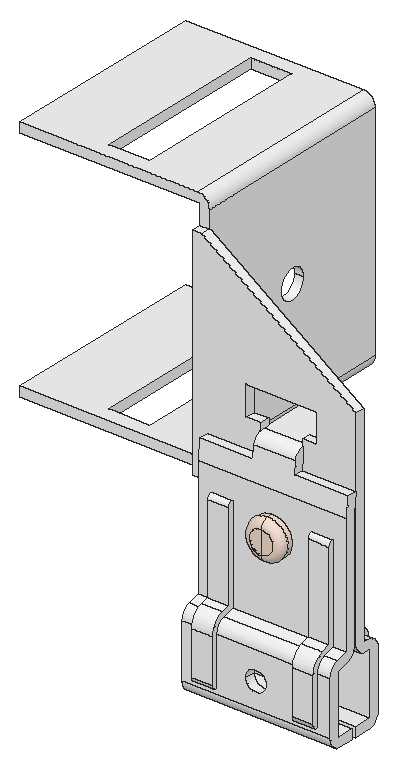
Revit family "CTハンガーH=20アキ左", category 機械設備, Revit 2020
Family settings
  丸型コネクタ寸法 = 直径を使用
  種別 = なし
  パーツ タイプ = 標準
  作業面ベース = いいえ
  常に垂直 = はい
  ロード時にボイドで切り取り = いいえ
  共有 = いいえ
  部屋計算ポイント = いいえ
Parameters
  製造元 = "株式会社桐井製作所"
  既定の高さ = 0 mm
  URL = "https://www.kirii.co.jp/"
  K_材質 = "溶融亜鉛めっき鋼板及び鋼帯 SGCC 一般用"
  K_品名 = "CTハンガーH＝20アキ左"
  K_名称 = "CTハンガー"
  K_入数 = "200"
  K_備考 = "対象Tバー：eT4025、eAT4025"
  K_バージョン情報 = "20220915"
  K_めっき付着量 = "Z12"
  K_JIS規格 = "JIS G 3302"
Reference planes
  plane 1 "中心(正面/背面)": y = 0
  plane 2: z = 0
  plane 3 "中心(左/右)": x = 0
Forms (mm)
  Extrusion 1, void
    sketch origin (0, -1.2, 0) x (-1, 0, 0) y (0, 0, 1)
      loop
        line (-6, 31.356) -> (-6, 26.343) -> (-3.5, 26.343) -> (-3.5, 21.356) -> (3.5, 21.356) -> (3.5, 26.343) -> (6, 26.343) -> (6, 31.356) -> (-6, 31.356)
    from 1.2 to 2.8
  Extrusion 2, void
    sketch origin (0.011, -1.2, 4.995) x (-1, 0, 0) y (0, 0, 1)
      loop
        circle (0, 6.373) r 2.5
    from 0 to 3.2
  Extrusion 3, void
    sketch origin (0, 0.4, 0) x (1, 0, 0) y (0, 0, 1)
      loop
        line (-13.5, 51.456) -> (12.5, 33.456) -> (12.5, 51.456) -> (-13.5, 51.456)
    from -1.2 to 0.4
  Extrusion 4, void
    sketch origin (0, 0.4, 0) x (1, 0, 0) y (0, 0, 1)
      loop
        line (-13.5, 14.356) -> (-15.1, 14.356) -> (-15.1, -15.644) -> (-12.5, -15.644) -> (-12.5, 13.356)
        arc (-12.5, 13.356) -> (-12.793, 14.063) -> (-13.5, 14.356) r 1
    from -4.2 to 5.8
  Extrusion 5, solid, material "05吊り材"
    sketch origin (0, 1.2, 0) x (0, 1, 0) y (0, 0, -1)
      loop
        line (1.8, 3.544) -> (0.8, 3.544)
        arc (0.8, 3.544) -> (-0.614, 2.958) -> (-1.2, 1.544) r 2
        line (-1.2, 1.544) -> (-1.2, -51.456) -> (0.4, -51.456) -> (0.4, -11.856) -> (0.4, 1.944) -> (1.4, 1.944)
        arc (1.4, 1.944) -> (2.814, 2.53) -> (3.4, 3.944) r 2
        line (3.4, 3.944) -> (3.4, 13.644)
        arc (3.4, 13.644) -> (2.814, 15.058) -> (1.4, 15.644) r 2
        line (1.4, 15.644) -> (-1.2, 15.644) -> (-1.2, 14.044) -> (1.8, 14.044) -> (1.8, 3.544)
    from -12.5 to 15.1
  Extrusion 6, solid, material "アルミニウム"
    sketch origin (0, 1.2, 4.922) x (-1, 0, 0) y (0, 0, -1)
      loop
        circle (0, -6.436) r 4.1
      loop
        circle (0, -6.436) r 2.499
    from -1.8 to 0
  Extrusion 7, solid, material "05吊り材"
    sketch origin (16, 1.2, 0) x (0, 1, 0) y (0, 0, -1)
      loop
        line (1.3, -12.456) -> (1.3, 1.087) -> (2.095, 1.087)
        arc (2.095, 1.087) -> (3.685, 2.14) -> (4.3, 3.944) r 2.953
        line (4.3, 3.944) -> (4.3, 11.744)
        arc (4.3, 11.744) -> (4.036, 12.38) -> (3.4, 12.644) r 0.9
        line (3.4, 12.644) -> (3.4, 3.944)
        arc (3.4, 3.944) -> (2.814, 2.53) -> (1.4, 1.944) r 2
        line (1.4, 1.944) -> (0.4, 1.944) -> (0.4, -13.356)
        arc (0.4, -13.356) -> (1.036, -13.093) -> (1.3, -12.456) r 0.9
      loop
        line (-4, 1.245) -> (-4, -13.556)
        arc (-4, -13.556) -> (-3.766, -14.122) -> (-3.2, -14.356) r 0.8
        line (-3.2, -14.356) -> (-3.2, 1.844) -> (-5.093, 2.4)
        arc (-5.093, 2.4) -> (-6.181, 3.157) -> (-6.6, 4.415) r 2.1
        line (-6.6, 4.415) -> (-6.6, 12.644)
        arc (-6.6, 12.644) -> (-7.166, 12.409) -> (-7.4, 11.844) r 0.8
        line (-7.4, 11.844) -> (-7.4, 4.415)
        arc (-7.4, 4.415) -> (-6.822, 2.678) -> (-5.318, 1.633) r 2.9
        line (-5.318, 1.633) -> (-4, 1.245)
    from 5.75 to 9.25
  Extrusion 8, void
    sketch origin (0.011, 1.2, 4.995) x (-1, 0, 0) y (0, 0, -1)
      loop
        circle (0, -6.373) r 2.5
    from 0 to 3.2
  Extrusion 9, void
    sketch origin (0, -42.1, 50.967) x (1, 0, 0) y (0, 0, -1)
      loop
        line (-3.5, 25.623) -> (-3.5, 29.342) -> (-12.5, 29.342) -> (-12.5, 25.623) -> (-3.5, 25.623)
      loop
        line (12.5, 25.623) -> (12.5, 29.342) -> (3.5, 29.342) -> (3.5, 25.623) -> (12.5, 25.623)
    from 40.1 to 51.2
  Extrusion 10, solid, material "05吊り材"
    sketch origin (0, 1.2, 0) x (0, 1, 0) y (0, 0, -1)
      loop
        line (-5, 4.041) -> (-5, 14.044) -> (-2, 14.044) -> (-2, 15.644) -> (-4.5, 15.644)
        arc (-4.5, 15.644) -> (-5.985, 15.029) -> (-6.6, 13.544) r 2.1
        line (-6.6, 13.544) -> (-6.6, 4.415)
        arc (-6.6, 4.415) -> (-6.181, 3.157) -> (-5.093, 2.4) r 2.1
        line (-5.093, 2.4) -> (-3.2, 1.844) -> (-3.2, -18.356) -> (-2.659, -23.655)
        arc (-2.659, -23.655) -> (-1.932, -24.867) -> (-0.6, -25.343) r 2.1
        line (-0.6, -25.343) -> (7.9, -25.343) -> (7.9, -23.756) -> (-0.6, -23.756)
        arc (-0.6, -23.756) -> (-0.954, -23.61) -> (-1.1, -23.256) r 0.5
        line (-1.1, -23.256) -> (-1.6, -18.356) -> (-1.6, 1.47)
        arc (-1.6, 1.47) -> (-2.019, 2.728) -> (-3.107, 3.484) r 2.1
        line (-3.107, 3.484) -> (-5, 4.041)
    from -12.5 to 12.5
  Extrusion 11, solid, material "05吊り材"
    sketch origin (-1, 1.2, 0) x (0, 1, 0) y (0, 0, -1)
      loop
        line (1.3, -12.456) -> (1.3, 1.087) -> (2.095, 1.087)
        arc (2.095, 1.087) -> (3.685, 2.14) -> (4.3, 3.944) r 2.953
        line (4.3, 3.944) -> (4.3, 11.744)
        arc (4.3, 11.744) -> (4.036, 12.38) -> (3.4, 12.644) r 0.9
        line (3.4, 12.644) -> (3.4, 3.944)
        arc (3.4, 3.944) -> (2.814, 2.53) -> (1.4, 1.944) r 2
        line (1.4, 1.944) -> (0.4, 1.944) -> (0.4, -13.356)
        arc (0.4, -13.356) -> (1.036, -13.093) -> (1.3, -12.456) r 0.9
      loop
        line (-4, 1.245) -> (-4, -13.556)
        arc (-4, -13.556) -> (-3.766, -14.122) -> (-3.2, -14.356) r 0.8
        line (-3.2, -14.356) -> (-3.2, 1.844) -> (-5.093, 2.4)
        arc (-5.093, 2.4) -> (-6.181, 3.157) -> (-6.6, 4.415) r 2.1
        line (-6.6, 4.415) -> (-6.6, 12.644)
        arc (-6.6, 12.644) -> (-7.166, 12.409) -> (-7.4, 11.844) r 0.8
        line (-7.4, 11.844) -> (-7.4, 4.415)
        arc (-7.4, 4.415) -> (-6.822, 2.678) -> (-5.318, 1.633) r 2.9
        line (-5.318, 1.633) -> (-4, 1.245)
    from 5.75 to 9.25
  Extrusion 12, solid, material "05吊り材"
    sketch origin (16, 1.2, 0) x (0, 1, 0) y (0, 0, -1)
      loop
        line (1.3, -12.456) -> (1.3, 1.087) -> (2.095, 1.087)
        arc (2.095, 1.087) -> (3.685, 2.14) -> (4.3, 3.944) r 2.953
        line (4.3, 3.944) -> (4.3, 11.744)
        arc (4.3, 11.744) -> (4.036, 12.38) -> (3.4, 12.644) r 0.9
        line (3.4, 12.644) -> (3.4, 3.944)
        arc (3.4, 3.944) -> (2.814, 2.53) -> (1.4, 1.944) r 2
        line (1.4, 1.944) -> (0.4, 1.944) -> (0.4, -13.356)
        arc (0.4, -13.356) -> (1.036, -13.093) -> (1.3, -12.456) r 0.9
      loop
        line (-4, 1.245) -> (-4, -13.556)
        arc (-4, -13.556) -> (-3.766, -14.122) -> (-3.2, -14.356) r 0.8
        line (-3.2, -14.356) -> (-3.2, 1.844) -> (-5.093, 2.4)
        arc (-5.093, 2.4) -> (-6.181, 3.157) -> (-6.6, 4.415) r 2.1
        line (-6.6, 4.415) -> (-6.6, 12.644)
        arc (-6.6, 12.644) -> (-7.166, 12.409) -> (-7.4, 11.844) r 0.8
        line (-7.4, 11.844) -> (-7.4, 4.415)
        arc (-7.4, 4.415) -> (-6.822, 2.678) -> (-5.318, 1.633) r 2.9
        line (-5.318, 1.633) -> (-4, 1.245)
    from 5.75 to 9.25
  Extrusion 13, void
    sketch origin (0, 36.563, 0) x (1, 0, 0) y (0, 1, 0)
      loop
        line (-32.5, -2.5) -> (-32.5, -32.5) -> (-25.5, -32.5) -> (-25.5, -2.5) -> (-32.5, -2.5)
    from 54.856 to 56.456
  Extrusion 14, void
    sketch origin (0, 36.563, -40) x (1, 0, 0) y (0, 1, 0)
      loop
        line (-32.5, -2.5) -> (-32.5, -32.5) -> (-25.5, -32.5) -> (-25.5, -2.5) -> (-32.5, -2.5)
    from 54.856 to 56.456
  Extrusion 15, void
    sketch origin (0, -8.4, -3.594) x (1, 0, 0) y (0, 0, 1)
      loop
        circle (0, -5.55) r 1.75
    from -4.6 to -3
  Extrusion 16, solid, material "05吊り材"
    sketch origin (0, 36.6, 0) x (1, 0, 0) y (0, 0, 1)
      loop
        line (-45.5, 56.456) -> (-45.5, 54.856) -> (-15.1, 54.856) -> (-15.1, 16.456) -> (-45.5, 16.456) -> (-45.5, 14.856) -> (-15.5, 14.856)
        arc (-15.5, 14.856) -> (-14.086, 15.442) -> (-13.5, 16.856) r 2
        line (-13.5, 16.856) -> (-13.5, 54.456)
        arc (-13.5, 54.456) -> (-14.086, 55.87) -> (-15.5, 56.456) r 2
        line (-15.5, 56.456) -> (-45.5, 56.456)
    from 0 to 35
  Extrusion 17, void
    sketch origin (0, 36.6, 0) x (0, 1, 0) y (0, 0, 1)
      loop
        circle (-17.5, 35.456) r 2.5
    from -15.1 to -13.5
  Extrusion 18, void
    sketch origin (0, 0, -3.594) x (1, 0, 0) y (0, 0, 1)
      loop
        circle (0, -5.55) r 1.75
    from -4.6 to -3
Cuts and joins
  Extrusion 8, Extrusion 9, Extrusion 15, Extrusion 18 cuts Extrusion 10
  joined: Extrusion 7, Extrusion 10, Extrusion 11, Extrusion 12
  Extrusion 1, Extrusion 2, Extrusion 3, Extrusion 4, Extrusion 8, Extrusion 15, Extrusion 18 cuts Extrusion 5
  Extrusion 13, Extrusion 14, Extrusion 17 cuts Extrusion 16
  joined: Extrusion 5, Extrusion 16
Dimensions and locks
  aligned and locked: level to plane 2
Nested families
  nested 1: "直吊りハンガー用ビス" at (0.011, -2, 11.368) x (-1, 0, 0) z (0, 0, 1), type "直吊りハンガー用ビス"
Definition of nested family "直吊りハンガー用ビス"
  Parameters (values of type "直吊りハンガー用ビス")
    Manufacturer = "株式会社桐井製作所"
    Default Elevation = 0 mm
    URL = "https://www.kirii.co.jp/"
    K_名称 = "M6×25ボルト"
  Reference planes
    plane 1 "中心(正面/背面)": y = 0
    plane 2: z = 0
    plane 3 "中心(左/右)": x = 0
    plane 4 "正面": y = -5
  Forms (mm)
    Extrusion 1, solid
      sketch origin (0, 0, 0.234) x (1, 0, 0) y (0, 0, 1)
        loop
          circle (-0.011, -0.2) r 2.5
      from 0 to -5
    Revolve 2, solid
      sketch origin (0, 0, 0) x (0, 1, 0) y (0, 0, 1)
        loop
          line (0, 0) -> (-2.299, 0) -> (-2.299, -1.966)
          arc (-2.299, -1.966) -> (-1.904, -2.921) -> (-0.949, -3.316) r 1.35
          line (-0.949, -3.316) -> (0, -3.316) -> (0, 0)
        axis (0, 0) -> (-2.299, 0)
      angle from 0 to 360
  Cuts and joins
    joined: Extrusion 1, Revolve 2
  Dimensions and locks
    aligned and locked: level to plane 2
